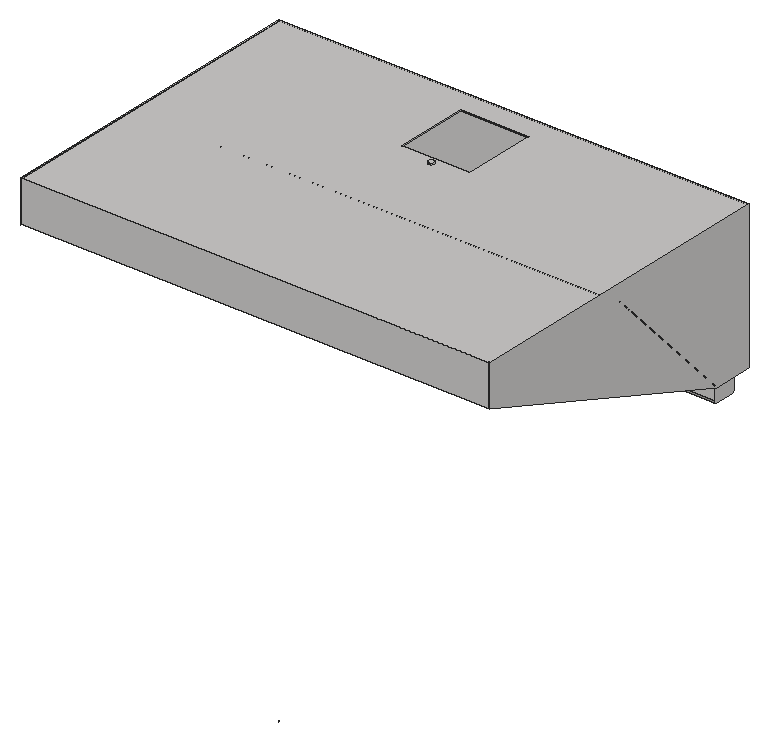
Revit family "QF_ELECTROLUXPROFESSIONAL_644192_AMPV1116BT", category Specialty Equipment, Revit 2014
Reference planes
  plane 1 "Center (Front/Back)": y = 0
  plane 2: z = 0
  plane 3 "Center (Left/Right)": x = 150
  plane 4 "LEFT": x = -650
  plane 5 "RIGHT": x = 950
  plane 6 "BACK": y = 550
  plane 7 "FRONT": y = -550
  plane 8 "Plane": z = 2000
  plane 9 "TOP": z = 2140
  plane 10 "Base": z = 1640
  plane 11: z = 1566
  plane 12 "DrainY": y = 485
  plane 13: x = -647
  plane 14: through (0, 414.509, 1640.8) normal (0, 0.7314, 0.682)
  plane 15: y = 470
  plane 16: y = 220
  plane 17 "DrainX": x = 830
  plane 18: x = 33.5
  plane 19: x = 266.5
  plane 20: x = 947
  plane 21: x = 740
  plane 22: x = 920
  plane 23: x = -450
  plane 24: x = 750
  plane 25: x = -47.5
  plane 26: x = 347.5
  plane 27: y = 200
Forms (mm)
  Extrusion 1, solid, material "QF_Finishes_Stainless Steel"
    sketch origin (-650, 0, 0) x (0, 1, 0) y (0, 0, 1)
      loop
        line (550, 1640) -> (550, 2140) -> (-550, 2140) -> (-550, 1999.112) -> (413.973, 1640) -> (550, 1640)
    from 0 to 3
  Extrusion 2, solid, material "QF_Finishes_Stainless Steel"
    sketch origin (150, 0, 0) x (0, 1, 0) y (0, 0, 1)
      loop
        line (415.255, 1640) -> (550, 1640) -> (550, 2139.19) -> (549.2, 2139.19) -> (549.2, 1640.8) -> (415.876, 1640.8) -> (339.347, 1722.867) -> (349.609, 1732.436) -> (348.927, 1733.167) -> (337.934, 1722.917) -> (415.255, 1640)
      loop
        line (-82.203, 2139.19) -> (-82.203, 2118.6) -> (-31.047, 2118.6) -> (34.354, 2048.466) -> (46.028, 2059.352) -> (45.346, 2060.083) -> (34.403, 2049.879) -> (-30.612, 2119.6) -> (-81.203, 2119.6) -> (-81.203, 2139.19) -> (-82.203, 2139.19)
    from -797 to 797
  Extrusion 3, solid, material "QF_Finishes_Stainless Steel"
    sketch origin (950, 0, 0) x (0, 1, 0) y (0, 0, 1)
      loop
        line (550, 1640) -> (550, 2140) -> (-550, 2140) -> (-550, 1999.112) -> (413.973, 1640) -> (550, 1640)
    from 0 to -3
  Extrusion 4, solid, material "QF_Finishes_Stainless Steel"
    sketch origin (150, 0, 0) x (0, 1, 0) y (0, 0, 1)
      loop
        line (-550, 2140) -> (-550, 2000) -> (-549.2, 2000) -> (-549.2, 2139.19) -> (550, 2139.19) -> (550, 2140) -> (-550, 2140)
    from -800 to 800
  Extrusion 5, solid, material "QF_Finishes_Stainless Steel"
    sketch origin (150, 0, 0) x (0, 1, 0) y (0, 0, 1)
      loop
        line (534, 1640) -> (436, 1640) -> (436, 1627) -> (443.5, 1627) -> (443.5, 1576)
        arc (443.5, 1576) -> (446.429, 1568.929) -> (453.5, 1566) r 10
        line (453.5, 1566) -> (516.5, 1566)
        arc (516.5, 1566) -> (523.571, 1568.929) -> (526.5, 1576) r 10
        line (526.5, 1576) -> (526.5, 1627) -> (534, 1627) -> (534, 1640)
    from 590 to 770
  Extrusion 6, solid, material "QF_Finishes_Stainless Steel"
    sketch origin (0, 0, 1640) x (0, 1, 0) y (-1, 0, 0)
      loop
        circle (485, -830) r 20
    from -76 to -74
  Extrusion 7, solid, material "QF_Finished_Chrome"
    sketch origin (150, 0, 0) x (0, 1, 0) y (0, 0, 1)
      loop
        line (337.934, 1722.917) -> (341.591, 1726.327) -> (38.011, 2051.876) -> (34.354, 2048.466) -> (337.934, 1722.917)
    from -197.5 to -600
  Extrusion 8, solid, material "QF_Finishes_Stainless Steel"
    sketch origin (150, 0, 0) x (0, 1, 0) y (0, 0, 1)
      loop
        line (337.934, 1722.917) -> (341.591, 1726.327) -> (38.011, 2051.876) -> (34.354, 2048.466) -> (337.934, 1722.917)
    from 797 to 600
  Extrusion 9, solid, material "QF_Finished_Chrome"
    sketch origin (150, 0, 0) x (0, 1, 0) y (0, 0, 1)
      loop
        line (341.588, 1726.324) -> (38.009, 2051.874) -> (34.354, 2048.466) -> (337.934, 1722.917) -> (341.588, 1726.324)
    from 197.5 to 600
  Extrusion 10, void
    sketch origin (0, 0, 2140) x (0, 1, 0) y (-1, 0, 0)
      loop
        line (470, -266.5) -> (470, -33.5) -> (220, -33.5) -> (220, -266.5) -> (470, -266.5)
    from 0 to -10
  Extrusion 11, solid, material "QF_Finishes_Stainless Steel"
    sketch origin (0, 0, 0) x (1, 0, 0) y (0, 1, 0)
      loop
        line (-650, 550) -> (-650, 549) -> (-649, 549) -> (-649, 550) -> (-650, 550)
    from 0 to 1
  Extrusion 12, solid, material "QF_Finishes_Stainless Steel"
    sketch origin (150, 0, 0) x (0, 1, 0) y (0, 0, 1)
      loop
        line (337.934, 1722.917) -> (341.591, 1726.327) -> (38.011, 2051.876) -> (34.354, 2048.466) -> (337.934, 1722.917)
    from -600 to -797
  Extrusion 13, solid, material "QF_Finishes_Stainless Steel"
    sketch origin (150, 0, 0) x (0, 1, 0) y (0, 0, 1)
      loop
        line (337.934, 1722.917) -> (341.591, 1726.327) -> (38.011, 2051.876) -> (34.354, 2048.466) -> (337.934, 1722.917)
    from 197.5 to -197.5
  Extrusion 14, solid, material "QF_Finishes_Stainless Steel"
    sketch origin (0, 0, 2140) x (0, 1, 0) y (-1, 0, 0)
      loop
        circle (200, -150) r 10
    from 0 to 1.6
Cuts and joins
  Extrusion 10 cuts Extrusion 4
  joined: Extrusion 2, Extrusion 4
Lines and regions (mm)
  reference lines
    curve 1: line (150, 34.354, 2048.466) -> (150, 34.354, 1888.466)
  symbolic lines, style "SpecialityEquipment", detail levels coarse
    curve 2: line (950, 550, 2140) -> (-650, 550, 2140)
    curve 3: line (-650, 550, 2140) -> (-650, -550, 2140)
    curve 4: line (950, -550, 2140) -> (950, 550, 2140)
    curve 5: line (-650, -550, 2140) -> (950, -550, 2140)
    curve 6: line (266.5, 220, 2140) -> (33.5, 220, 2140)
    curve 7: line (266.5, 470, 2140) -> (266.5, 220, 2140)
    curve 8: line (33.5, 470, 2140) -> (266.5, 470, 2140)
    curve 9: line (33.5, 220, 2140) -> (33.5, 470, 2140)
    curve 10: line (-650, 550, 0) -> (950, -550, 0)
    curve 11: line (950, 550, 0) -> (-650, -550, 0)
Dimensions and locks
  plane 4 "LEFT" to plane 5 "RIGHT" = 1600 mm
  equal spacing: plane 4 "LEFT", plane 3 "Center (Left/Right)", plane 5 "RIGHT"
  locked: plane 8 "Plane" to level at 2000
  plane 9 "TOP" to plane 8 "Plane" = 140 mm
  locked: plane 9 "TOP" to plane 10 "Base" at 500
  plane 10 "Base" to plane 11 = 74 mm
  plane 6 "BACK" to plane 12 "DrainY" = 65 mm  (x2)
  plane 4 "LEFT" to plane 13 = 3 mm
  plane 6 "BACK" to plane 15 = 80 mm
  plane 15 to plane 16 = 250 mm  (x2)
  plane 17 "DrainX" to plane 5 "RIGHT" = 120 mm
  plane 20 to plane 5 "RIGHT" = 3 mm
  locked: plane 21 to plane 17 "DrainX" at 90
  locked: plane 17 "DrainX" to plane 22 at 90
  plane 6 "BACK" to plane 7 "FRONT" = 1100 mm  (x2)
  equal spacing: plane 6 "BACK", plane 1 "Center (Front/Back)", plane 7 "FRONT"
  plane 16 to plane 7 "FRONT" = 770 mm
  plane 15 to plane 6 "BACK" = 80 mm
  plane 4 "LEFT" to plane 23 = 200 mm
  plane 24 to plane 5 "RIGHT" = 200 mm
  locked: plane 25 to plane 26 at 395
  equal spacing: plane 25, plane 3 "Center (Left/Right)", plane 26
  locked: plane 18 to plane 19 at 233
  equal spacing: plane 18, plane 3 "Center (Left/Right)", plane 19
  plane 16 to plane 27 = 20 mm
  aligned and locked: level to plane 2
  aligned and locked: Extrusion 2 to Extrusion 1
  aligned and locked: Extrusion 2 to Extrusion 3
  aligned and locked: plane 5 "RIGHT" to Extrusion 4
  aligned and locked: Extrusion 4 to plane 4 "LEFT"
  aligned and locked: plane 20 to Extrusion 8
  aligned and locked: Extrusion 10 to plane 18
  aligned and locked: Extrusion 10 to plane 16
  aligned and locked: Extrusion 10 to plane 15
  aligned and locked: Extrusion 2 to Extrusion 4
  aligned and locked: plane 22 to Extrusion 5
  aligned and locked: Extrusion 5 to plane 21
  aligned and locked: Extrusion 8 to plane 24
  aligned and locked: Extrusion 9 to plane 24
  aligned and locked: Extrusion 7 to plane 23
  aligned and locked: Extrusion 12 to plane 13
  aligned and locked: plane 23 to Extrusion 12
  aligned and locked: Extrusion 3 to plane 20
  aligned and locked: Extrusion 10 to plane 19
  aligned and locked: plane 19 to curve 7
  aligned and locked: plane 26 to Extrusion 13
  aligned and locked: Extrusion 13 to plane 25
  aligned and locked: Extrusion 9 to plane 26
Automatic sketch dimensions
  curve 5 to plane 5 "RIGHT" = 0 mm
  curve 5 to plane 7 "FRONT" = 0 mm
  curve 6 to plane 16 = 0 mm
  plane 15 to curve 8 = 0 mm
  curve 3 to plane 4 "LEFT" = 0 mm
  curve 3 to plane 6 "BACK" = 0 mm
  curve 6 to plane 18 = 0 mm
  Extrusion 1 sketch curve to plane 7 "FRONT" = 0 mm
  Extrusion 1 sketch curve to plane 10 "Base" = 0 mm
  Extrusion 1 sketch curve to plane 6 "BACK" = 0 mm
  Extrusion 1 sketch curve to plane 9 "TOP" = 0 mm
  plane 15 to Extrusion 1 sketch curve = 56.027 mm
  Extrusion 1 sketch curve to plane 8 "Plane" = 0.888 mm
  Extrusion 2 sketch curve to plane 14 = 0 mm  (x3)
  Extrusion 2 sketch curve to plane 10 "Base" = 0 mm
  plane 14 to Extrusion 2 sketch curve = 0 mm
  Extrusion 2 sketch curve to plane 6 "BACK" = 0 mm
  Extrusion 2 sketch curve to Extrusion 2 sketch curve = 65.646 mm
  Extrusion 2 sketch curve to Extrusion 2 sketch curve = 0.682 mm  (x2)
  Extrusion 2 sketch curve to Extrusion 2 sketch curve = 10.261 mm
  plane 10 "Base" to Extrusion 2 sketch curve = 82.917 mm
  Extrusion 2 sketch curve to plane 1 "Center (Front/Back)" = 46.028 mm
  Extrusion 2 sketch curve to Extrusion 2 sketch curve = 10.942 mm
  Extrusion 2 sketch curve to Extrusion 2 sketch curve = 0.049 mm
  Extrusion 2 sketch curve to plane 9 "TOP" = 20.4 mm
  Extrusion 2 sketch curve to plane 9 "TOP" = 21.4 mm
  Extrusion 2 sketch curve to plane 9 "TOP" = 0.81 mm  (x2)
  Extrusion 2 sketch curve to Extrusion 2 sketch curve = 50.156 mm
  Extrusion 2 sketch curve to Extrusion 2 sketch curve = 1 mm
  plane 10 "Base" to Extrusion 2 sketch curve = 0.8 mm
  Extrusion 2 sketch curve to plane 6 "BACK" = 0.8 mm
  Extrusion 3 sketch curve to plane 7 "FRONT" = 0 mm
  Extrusion 3 sketch curve to plane 10 "Base" = 0 mm
  Extrusion 3 sketch curve to plane 6 "BACK" = 0 mm
  Extrusion 3 sketch curve to plane 9 "TOP" = 0 mm
  plane 15 to Extrusion 3 sketch curve = 56.027 mm
  Extrusion 3 sketch curve to plane 8 "Plane" = 0.888 mm
  Extrusion 4 sketch curve to plane 7 "FRONT" = 0 mm
  Extrusion 4 sketch curve to plane 8 "Plane" = 0 mm
  Extrusion 4 sketch curve to plane 6 "BACK" = 0 mm
  Extrusion 4 sketch curve to plane 9 "TOP" = 0 mm
  plane 7 "FRONT" to Extrusion 4 sketch curve = 0.8 mm
  Extrusion 4 sketch curve to plane 9 "TOP" = 0.81 mm
  curve 1 to plane 14 = 0 mm
  curve 1 to plane 1 "Center (Front/Back)" = 34.354 mm
  curve 1 to plane 8 "Plane" = 111.534 mm
  Extrusion 5 sketch curve to plane 10 "Base" = 0 mm
  Extrusion 5 sketch curve to plane 11 = 0 mm
  Extrusion 5 sketch curve to plane 10 "Base" = 13 mm  (x2)
  plane 15 to Extrusion 5 sketch curve = 34 mm
  Extrusion 5 sketch curve to Extrusion 5 sketch curve = 7.5 mm  (x2)
  Extrusion 5 sketch curve to Extrusion 5 sketch curve = 10 mm
  plane 12 "DrainY" to Extrusion 5 sketch curve = 31.5 mm
  Extrusion 5 sketch curve to plane 6 "BACK" = 23.5 mm
  Extrusion 6 sketch curve to plane 12 "DrainY" = 0 mm
  Extrusion 6 sketch curve to plane 17 "DrainX" = 0 mm
  Extrusion 7 sketch curve to plane 14 = 0 mm  (x2)
  Extrusion 7 sketch curve to plane 1 "Center (Front/Back)" = 34.354 mm
  Extrusion 7 sketch curve to Extrusion 7 sketch curve = 3.657 mm
  plane 10 "Base" to Extrusion 7 sketch curve = 82.917 mm
  Extrusion 8 sketch curve to plane 14 = 0 mm  (x2)
  Extrusion 8 sketch curve to plane 1 "Center (Front/Back)" = 34.354 mm
  Extrusion 8 sketch curve to Extrusion 8 sketch curve = 3.657 mm
  plane 10 "Base" to Extrusion 8 sketch curve = 82.917 mm
  Extrusion 9 sketch curve to plane 14 = 0 mm  (x2)
  Extrusion 9 sketch curve to plane 1 "Center (Front/Back)" = 34.354 mm
  Extrusion 9 sketch curve to Extrusion 9 sketch curve = 3.655 mm
  plane 10 "Base" to Extrusion 9 sketch curve = 82.917 mm
  Extrusion 10 sketch curve to plane 16 = 0 mm
  plane 15 to Extrusion 10 sketch curve = 0 mm
  Extrusion 10 sketch curve to plane 19 = 0 mm
  Extrusion 10 sketch curve to plane 18 = 0 mm
  Extrusion 11 sketch curve to plane 4 "LEFT" = 0 mm
  Extrusion 11 sketch curve to plane 6 "BACK" = 0 mm
  plane 4 "LEFT" to Extrusion 11 sketch curve = 1 mm
  Extrusion 11 sketch curve to Extrusion 11 sketch curve = 1 mm
  Extrusion 12 sketch curve to plane 14 = 0 mm  (x2)
  Extrusion 12 sketch curve to plane 1 "Center (Front/Back)" = 34.354 mm
  Extrusion 12 sketch curve to Extrusion 12 sketch curve = 3.657 mm
  plane 10 "Base" to Extrusion 12 sketch curve = 82.917 mm
  Extrusion 13 sketch curve to plane 14 = 0 mm  (x2)
  Extrusion 13 sketch curve to plane 1 "Center (Front/Back)" = 34.354 mm
  Extrusion 13 sketch curve to Extrusion 13 sketch curve = 3.657 mm
  plane 10 "Base" to Extrusion 13 sketch curve = 82.917 mm
  curve 11 to plane 4 "LEFT" = 0 mm
  curve 10 to plane 4 "LEFT" = 0 mm
  curve 11 to plane 5 "RIGHT" = 0 mm
  curve 10 to plane 5 "RIGHT" = 0 mm
  curve 10 to plane 7 "FRONT" = 0 mm
  curve 11 to plane 7 "FRONT" = 0 mm
  curve 11 to plane 6 "BACK" = 0 mm
  curve 10 to plane 6 "BACK" = 0 mm
  Extrusion 14 sketch curve to plane 3 "Center (Left/Right)" = 0 mm
  Extrusion 14 sketch curve to plane 27 = 0 mm
  radius of Extrusion 6 sketch curve = 20 mm
  radius of Extrusion 14 sketch curve = 10 mm
Connectors
  piping at (830, 485, 1564), diameter 20
    settings: on Extrusion 6, index 1, connector inside diameter 609.6 mm, connector length 0 mm, flow factor 0, pipe flow 0.0 L/s, pressure drop 0.0 Pa, fitting loss kfactor 0, connector angle 0.00°, fixture units 0, engagement length 0 mm, angle of deflection 0.00°, flow configuration 1, flow direction 2, fitting loss method 0, system type 16, joint type 0, gender type 0, connector reference index -1, connector utility 0, adjustable connector no, is connector primary yes, connector description "Drain"
  hvac at (150, 345, 2140)
    settings: on Extrusion 10, index 2, duct flow 0.0 L/s, flow factor 0, pres drop 0.0 Pa, loss coef 0, conn angle 0.00°, conn width 250 mm, conn height 233 mm, conn diameter 609.6 mm, duct sys type 3, conn prof type 1, flow config 1, flow direction 2, loss method 0, conn ref index -1, conn util no, is conn primary yes, conn desc "EXHAUST OUTLET"
  electrical at (150, 200, 2141.6)
    settings: on Extrusion 14, index 3, voltage 0 V, apparent load 0 VA, apparent load phase1 0 VA, apparent load phase2 0 VA, apparent load phase3 0 VA, power factor 1, load classification "Other", number of poles 1, system type 30, power factor state 1, is connector primary yes, connector utility no, sub classification motor no, connector description "Electrical Connection"
